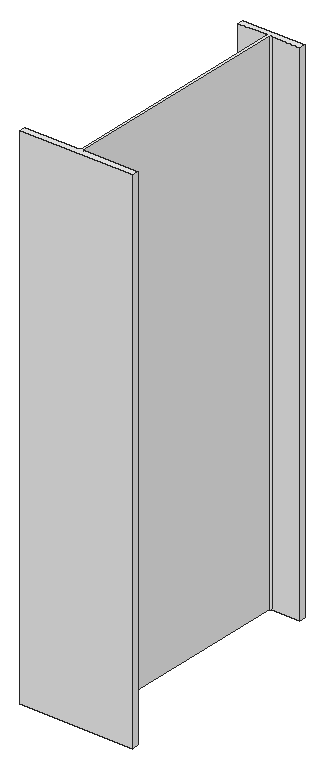
Revit family "WRF-Welded Reduced Flange-Column", category 구조 기둥, Revit 2026
Family settings
  단면 모양 = 정의되지 않음
  모델 동작 재료 = 스틸
  항상 형상으로 내보내기 = 아니오
  평면의 보 전환 = 경계 상자에서
  로드될 때 보이드를 사용하여 절단 = 아니오
  기호 표현 = 프로젝트 설정에서
  공유 = 아니오
  평면도에서 미리 절단된 패밀리 표시 = 예
Parameters (values of type "WRF1200x309")
  Structural Material [instance] = Metal - Steel - 345 MPa
  kr = k - (tw / 2)  # 8 mm
  bf_t = 300 mm
  Assembly Code = ""
  A = 0.0393 m²
  W = 3.03
  bf_b = 550 mm
  d = 1200 mm
  k = 14 mm
  tf = 30 mm
  tw = 12 mm
Reference planes
  plane 1: y = 0
  plane 2: z = 0
  plane 3: x = 0
  plane 4: x = -275
  plane 5: x = 275
  plane 6: y = 600
  plane 7: y = -600
  plane 8: x = -3.969
  plane 9: x = 3.969
  plane 10: x = -150
  plane 11: x = 150
Forms (mm)
  Extrusion 1, solid, material "Metal - Steel - 345 MPa" <- "Structural Material", detail levels medium
    sketch origin (0, 0, 0) x (1, 0, 0) y (0, 1, 0)
      loop
        line (-150, 600) -> (-150, 570) -> (-6, 570) -> (-6, -570) -> (-275, -570) -> (-275, -600) -> (275, -600) -> (275, -570) -> (6, -570) -> (6, 570) -> (150, 570) -> (150, 600) -> (-150, 600)
    from 0 to 2500
  Extrusion 2, solid, material "Metal - Steel - 345 MPa" <- "Structural Material", detail levels fine
    sketch origin (0, 0, 0) x (1, 0, 0) y (0, 1, 0)
      loop
        line (-150, 600) -> (-150, 570) -> (-14, 570)
        arc (-14, 570) -> (-8.343, 567.657) -> (-6, 562) r 8
        line (-6, 562) -> (-6, -562)
        arc (-6, -562) -> (-8.343, -567.657) -> (-14, -570) r 8
        line (-14, -570) -> (-275, -570) -> (-275, -600) -> (275, -600) -> (275, -570) -> (14, -570)
        arc (14, -570) -> (8.343, -567.657) -> (6, -562) r 8
        line (6, -562) -> (6, 562)
        arc (6, 562) -> (8.343, 567.657) -> (14, 570) r 8
        line (14, 570) -> (150, 570) -> (150, 600) -> (-150, 600)
    from 0 to 2500
Lines and regions (mm)
  symbolic lines, style "StructuralColumnStickSymbols", detail levels coarse
    curve 1: line (-150, 600, 0) -> (150, 600, 0)
    curve 2: line (-275, -600, 0) -> (275, -600, 0)
    curve 3: line (0, 600, 0) -> (0, -600, 0)
  symbolic lines, style "Hidden Faces", detail levels medium+fine
    curve 4: line (-3.969, 0, 0) -> (-3.969, 0, 2500)
    curve 5: line (3.969, 0, 2500) -> (3.969, 0, 0)
Dimensions and locks
  equal spacing: plane 4, plane 3, plane 5
  equal spacing: plane 7, plane 1, plane 6
  "d": plane 7 to plane 6
  "bf_b": plane 4 to plane 5
  "tf": plane 7 to Extrusion 1 sketch curve
  "tf": Extrusion 1 sketch curve to plane 6
  equal spacing: Extrusion 1 sketch curve, plane 3, Extrusion 1 sketch curve
  "tw": Extrusion 1 sketch curve to Extrusion 1 sketch curve
  "bf_t": plane 10 to plane 11
  equal spacing: plane 10, plane 3, plane 11
  "kr": radius of Extrusion 2 sketch curve  (x4)
  aligned and locked: plane 6 to Extrusion 1 sketch curve
  aligned and locked: Extrusion 1 sketch curve to plane 7
  aligned and locked: Extrusion 1 sketch curve to plane 4
  aligned and locked: plane 5 to Extrusion 1 sketch curve
  aligned and locked: Extrusion 1 sketch curve to Extrusion 1 sketch curve  (x2)
  aligned and locked: level to Extrusion 1
  aligned and locked: level to plane 2
  aligned and locked: Extrusion 1 to plane 2
  aligned and locked: plane 6 to Extrusion 2 sketch curve
  aligned and locked: Extrusion 2 sketch curve to Extrusion 1  (x6)
  aligned and locked: Extrusion 2 sketch curve to plane 7
  aligned and locked: plane 5 to Extrusion 2 sketch curve
  aligned and locked: Extrusion 2 sketch curve to plane 4
  aligned and locked: level to Extrusion 2
  aligned and locked: Extrusion 2 to level
  aligned and locked: Extrusion 2 sketch curve to plane 10
  aligned and locked: plane 11 to Extrusion 2 sketch curve
  aligned and locked: Extrusion 1 sketch curve to plane 10
  aligned and locked: plane 11 to Extrusion 1 sketch curve
  aligned and locked: plane 10 to curve 1
  aligned and locked: plane 11 to curve 1
Automatic sketch dimensions
  curve 4 to level = 0 mm  (x2)
  curve 4 to plane 8 = 0 mm
  curve 5 to level = 0 mm  (x2)
  curve 5 to plane 9 = 0 mm
  curve 2 to plane 4 = 0 mm
  curve 1 to plane 6 = 0 mm
  curve 3 to plane 3 = 0 mm
  curve 2 to plane 5 = 0 mm
  curve 2 to plane 7 = 0 mm
